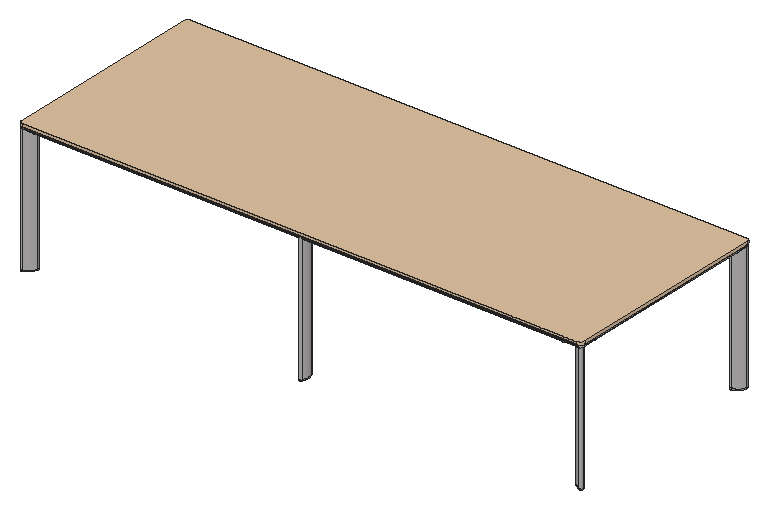
Revit family "FU_Table_Sandler_Laminar 1232", category Furniture, Revit 2020
Family settings
  OmniClass Number = 23.40.20.00
  OmniClass Title = General Furniture and Specialties
  Work Plane-Based = No
  Always vertical = Yes
  Cut with Voids When Loaded = No
  Shared = No
  Room Calculation Point = No
Parameters (values of type "Laminar 1232 (Dining Height)")
  Width = 3200 mm
  URL = "https://www.sandlerseating.com/product/laminar-1232/"
  Top [instance] = Wood - Oak - Natural - V
  Model = "Laminar 1232"
  Manufacturer = "Sandler"
  Height = 750 mm
  Frame [instance] = Epoxy - M2_G42
  Description = "320cm x 120cm / 126″ x 48″ table on epoxy painted frame."
  Depth = 1200 mm
  Default Elevation = 0 mm
Types (4, lengths in mm): name | Top | Height | Frame
  (no name) | Wood - Oak - Natural - V | 750 | Epoxy - M2_G42
  Laminar 1232 (Dining Height) | Wood - Oak - Natural - V | 750 | Epoxy - M2_G42
  Laminar 1232 (Counter Height) | Lacquer - W2 - G42 | 900 | Epoxy - M2 - Rust Grey
  Laminar 1232 (Bar Height) | HPL - Solid - White | 1050 | Epoxy - M1_Aluminum
Reference planes
  plane 1 "Center (Front/Back)": y = 0
  plane 2: z = 0
  plane 3 "Center (Left/Right)": x = 0
  plane 4 "Right": x = -1600
  plane 5 "Left": x = 1600
  plane 6 "Back": y = 600
  plane 7 "Front": y = -600
  plane 8 "Height": z = 750
  plane 9 "Top Frame Base": z = 737
  plane 10 "Frame Edge Right TOP": x = -1505
  plane 11 "Frame Edge Left TOP": x = 1505
  plane 12 "Frame Edge Front TOP": y = -505
  plane 13 "Frame Edge Back TOP": y = 505
  plane 14 "Right Leg C TOP": x = -1562.984
  plane 15 "Back Leg C TOP": y = 562.984
  plane 16 "Front Leg C TOP": y = -562.984
  plane 17 "Left C TOP": x = 1562.984
  plane 18 "Glide Height": z = 6
  plane 19 "Frame Base FRONT": z = 696.108
  plane 20 "Cross Support Front TOP": y = -542.984
  plane 21 "Cross Support Back TOP": y = 542.984
Forms (mm)
  Extrusion 1, solid, material "Wood - Oak - Natural - V" <- "Top"
    sketch origin (0, 0, 750) x (-1, 0, 0) y (0, -1, 0)
      loop
        arc (1575, -600) -> (1592.678, -592.678) -> (1600, -575) r 25
        line (1600, -575) -> (1600, 575)
        arc (1600, 575) -> (1592.678, 592.678) -> (1575, 600) r 25
        line (1575, 600) -> (-1575, 600)
        arc (-1575, 600) -> (-1592.678, 592.678) -> (-1600, 575) r 25
        line (-1600, 575) -> (-1600, -575)
        arc (-1600, -575) -> (-1592.678, -592.678) -> (-1575, -600) r 25
        line (-1575, -600) -> (1575, -600)
    from 0 to -13
  Sweep 2, solid, material "Epoxy - M2_G42" <- "Frame"
    path origin (0, 0, 737) x (-1, 0, 0) y (0, -1, 0)
      loop
        line (-1505, 600) -> (1505, 600)
    profile "Pro_Laminar_Frame : Pro_Laminar_Frame" origin (0, -600, 737) x (0, -1, 0) y (0, 0, 1)
      loop
        arc (-78.25, 0) -> (-78.959, -0.294) -> (-79.252, -1.003) r 1.003
        line (-79.252, -1.003) -> (-79.252, -40.038)
        arc (-79.252, -40.038) -> (-78.971, -40.718) -> (-78.29, -41) r 0.962
        line (-78.29, -41) -> (-56.47, -41)
        arc (-56.47, -41) -> (-49.536, -40.019) -> (-43.146, -37.154) r 25
        line (-43.146, -37.154) -> (-3.835, -12.393)
        arc (-3.835, -12.393) -> (-2.123, -10.579) -> (-1.5, -8.162) r 5
        line (-1.5, -8.162) -> (-1.5, -0.534)
        arc (-1.5, -0.534) -> (-1.656, -0.156) -> (-2.034, 0) r 0.534
        line (-2.034, 0) -> (-78.25, 0)
  Sweep 3, solid, material "Epoxy - M2_G42" <- "Frame"
    path origin (0, 0, 737) x (-1, 0, 0) y (0, -1, 0)
      loop
        line (1600, 505) -> (1600, -505)
    profile "Pro_Laminar_Frame : Pro_Laminar_Frame" origin (-1600, 0, 737) x (-1, 0, 0) y (0, 0, 1)
      loop
        arc (-78.25, 0) -> (-78.959, -0.294) -> (-79.252, -1.003) r 1.003
        line (-79.252, -1.003) -> (-79.252, -40.038)
        arc (-79.252, -40.038) -> (-78.971, -40.718) -> (-78.29, -41) r 0.962
        line (-78.29, -41) -> (-56.47, -41)
        arc (-56.47, -41) -> (-49.536, -40.019) -> (-43.146, -37.154) r 25
        line (-43.146, -37.154) -> (-3.835, -12.393)
        arc (-3.835, -12.393) -> (-2.123, -10.579) -> (-1.5, -8.162) r 5
        line (-1.5, -8.162) -> (-1.5, -0.534)
        arc (-1.5, -0.534) -> (-1.656, -0.156) -> (-2.034, 0) r 0.534
        line (-2.034, 0) -> (-78.25, 0)
  Sweep 4, solid, material "Epoxy - M2_G42" <- "Frame"
    path origin (0, 0, 737) x (-1, 0, 0) y (0, -1, 0)
      loop
        line (1505, -600) -> (-1505, -600)
    profile "Pro_Laminar_Frame : Pro_Laminar_Frame" origin (0, 600, 737) x (0, 1, 0) y (0, 0, 1)
      loop
        arc (-78.25, 0) -> (-78.959, -0.294) -> (-79.252, -1.003) r 1.003
        line (-79.252, -1.003) -> (-79.252, -40.038)
        arc (-79.252, -40.038) -> (-78.971, -40.718) -> (-78.29, -41) r 0.962
        line (-78.29, -41) -> (-56.47, -41)
        arc (-56.47, -41) -> (-49.536, -40.019) -> (-43.146, -37.154) r 25
        line (-43.146, -37.154) -> (-3.835, -12.393)
        arc (-3.835, -12.393) -> (-2.123, -10.579) -> (-1.5, -8.162) r 5
        line (-1.5, -8.162) -> (-1.5, -0.534)
        arc (-1.5, -0.534) -> (-1.656, -0.156) -> (-2.034, 0) r 0.534
        line (-2.034, 0) -> (-78.25, 0)
  Sweep 5, solid, material "Epoxy - M2_G42" <- "Frame"
    path origin (0, 0, 737) x (-1, 0, 0) y (0, -1, 0)
      loop
        line (-1600, 505) -> (-1600, -505)
    profile "Pro_Laminar_Frame : Pro_Laminar_Frame" origin (1600, 0, 737) x (-1, 0, 0) y (0, 0, 1)
      loop
        line (78.25, 0) -> (2.034, 0)
        arc (2.034, 0) -> (1.656, -0.156) -> (1.5, -0.534) r 0.534
        line (1.5, -0.534) -> (1.5, -8.162)
        arc (1.5, -8.162) -> (2.123, -10.579) -> (3.835, -12.393) r 5
        line (3.835, -12.393) -> (43.146, -37.154)
        arc (43.146, -37.154) -> (49.536, -40.019) -> (56.47, -41) r 25
        line (56.47, -41) -> (78.29, -41)
        arc (78.29, -41) -> (78.971, -40.718) -> (79.252, -40.038) r 0.962
        line (79.252, -40.038) -> (79.252, -1.003)
        arc (79.252, -1.003) -> (78.959, -0.294) -> (78.25, 0) r 1.003
  Sweep 6, solid, material "Epoxy - M2_G42" <- "Frame"
    path origin (0, 562.984, 0) x (1, 0, 0) y (0, 0, 1)
      loop
        line (-1562.984, 6) -> (-1562.984, 737)
    profile "Pro_Laminar_Leg : Pro_Laminar_Leg" origin (-1562.984, 562.984, 371.5) x (-1, 0, 0) y (0, -1, 0)
      loop
        arc (-16.792, 30.86) -> (-28.302, 28.302) -> (-30.86, 16.792) r 10.982
        arc (-30.86, 16.792) -> (-12.33, -12.33) -> (16.792, -30.86) r 79.547
        arc (16.792, -30.86) -> (28.302, -28.302) -> (30.86, -16.792) r 10.982
        arc (30.86, -16.792) -> (12.33, 12.33) -> (-16.792, 30.86) r 79.547
  Sweep 7, solid, material "Epoxy - M2_G42" <- "Frame"
    path origin (0, -562.984, 0) x (1, 0, 0) y (0, 0, 1)
      loop
        line (-1562.984, 6) -> (-1562.984, 737)
    profile "Pro_Laminar_Leg : Pro_Laminar_Leg" origin (-1562.984, -562.984, 371.5) x (-1, 0, 0) y (0, -1, 0)
      loop
        arc (-30.86, -16.792) -> (-28.302, -28.302) -> (-16.792, -30.86) r 10.982
        arc (-16.792, -30.86) -> (12.33, -12.33) -> (30.86, 16.792) r 79.547
        arc (30.86, 16.792) -> (28.302, 28.302) -> (16.792, 30.86) r 10.982
        arc (16.792, 30.86) -> (-12.33, 12.33) -> (-30.86, -16.792) r 79.547
  Sweep 8, solid, material "Epoxy - M2_G42" <- "Frame"
    path origin (0, -562.984, 0) x (1, 0, 0) y (0, 0, 1)
      loop
        line (1562.984, 6) -> (1562.984, 737)
    profile "Pro_Laminar_Leg : Pro_Laminar_Leg" origin (1562.984, -562.984, 371.5) x (-1, 0, 0) y (0, -1, 0)
      loop
        arc (-16.792, 30.86) -> (-28.302, 28.302) -> (-30.86, 16.792) r 10.982
        arc (-30.86, 16.792) -> (-12.33, -12.33) -> (16.792, -30.86) r 79.547
        arc (16.792, -30.86) -> (28.302, -28.302) -> (30.86, -16.792) r 10.982
        arc (30.86, -16.792) -> (12.33, 12.33) -> (-16.792, 30.86) r 79.547
  Sweep 9, solid, material "Epoxy - M2_G42" <- "Frame"
    path origin (0, 562.984, 0) x (1, 0, 0) y (0, 0, 1)
      loop
        line (1562.984, 6) -> (1562.984, 737)
    profile "Pro_Laminar_Leg : Pro_Laminar_Leg" origin (1562.984, 562.984, 371.5) x (-1, 0, 0) y (0, -1, 0)
      loop
        arc (-30.86, -16.792) -> (-28.302, -28.302) -> (-16.792, -30.86) r 10.982
        arc (-16.792, -30.86) -> (12.33, -12.33) -> (30.86, 16.792) r 79.547
        arc (30.86, 16.792) -> (28.302, 28.302) -> (16.792, 30.86) r 10.982
        arc (16.792, 30.86) -> (-12.33, 12.33) -> (-30.86, -16.792) r 79.547
  Sweep 10, solid, material "Rubber, Black"
    path origin (0, 562.984, 0) x (1, 0, 0) y (0, 0, 1)
      loop
        line (1562.984, 0) -> (1562.984, 6)
    profile "Pro_Laminar_Leg : Pro_Laminar_Leg" origin (1562.984, 562.984, 3) x (-1, 0, 0) y (0, -1, 0)
      loop
        arc (-30.86, -16.792) -> (-28.302, -28.302) -> (-16.792, -30.86) r 10.982
        arc (-16.792, -30.86) -> (12.33, -12.33) -> (30.86, 16.792) r 79.547
        arc (30.86, 16.792) -> (28.302, 28.302) -> (16.792, 30.86) r 10.982
        arc (16.792, 30.86) -> (-12.33, 12.33) -> (-30.86, -16.792) r 79.547
  Sweep 11, solid, material "Rubber, Black"
    path origin (0, 562.984, 0) x (1, 0, 0) y (0, 0, 1)
      loop
        line (-1562.984, 0) -> (-1562.984, 6)
    profile "Pro_Laminar_Leg : Pro_Laminar_Leg" origin (-1562.984, 562.984, 3) x (-1, 0, 0) y (0, -1, 0)
      loop
        arc (-16.792, 30.86) -> (-28.302, 28.302) -> (-30.86, 16.792) r 10.982
        arc (-30.86, 16.792) -> (-12.33, -12.33) -> (16.792, -30.86) r 79.547
        arc (16.792, -30.86) -> (28.302, -28.302) -> (30.86, -16.792) r 10.982
        arc (30.86, -16.792) -> (12.33, 12.33) -> (-16.792, 30.86) r 79.547
  Sweep 12, solid, material "Rubber, Black"
    path origin (0, -562.984, 0) x (1, 0, 0) y (0, 0, 1)
      loop
        line (-1562.984, 0) -> (-1562.984, 6)
    profile "Pro_Laminar_Leg : Pro_Laminar_Leg" origin (-1562.984, -562.984, 3) x (-1, 0, 0) y (0, -1, 0)
      loop
        arc (-30.86, -16.792) -> (-28.302, -28.302) -> (-16.792, -30.86) r 10.982
        arc (-16.792, -30.86) -> (12.33, -12.33) -> (30.86, 16.792) r 79.547
        arc (30.86, 16.792) -> (28.302, 28.302) -> (16.792, 30.86) r 10.982
        arc (16.792, 30.86) -> (-12.33, 12.33) -> (-30.86, -16.792) r 79.547
  Sweep 13, solid, material "Rubber, Black"
    path origin (0, -562.984, 0) x (1, 0, 0) y (0, 0, 1)
      loop
        line (1562.984, 0) -> (1562.984, 6)
    profile "Pro_Laminar_Leg : Pro_Laminar_Leg" origin (1562.984, -562.984, 3) x (-1, 0, 0) y (0, -1, 0)
      loop
        arc (-16.792, 30.86) -> (-28.302, 28.302) -> (-30.86, 16.792) r 10.982
        arc (-30.86, 16.792) -> (-12.33, -12.33) -> (16.792, -30.86) r 79.547
        arc (16.792, -30.86) -> (28.302, -28.302) -> (30.86, -16.792) r 10.982
        arc (30.86, -16.792) -> (12.33, 12.33) -> (-16.792, 30.86) r 79.547
  Sweep 14, solid, material "Epoxy - M2_G42" <- "Frame"
    path origin (0, 0, 737) x (-1, 0, 0) y (0, -1, 0)
      loop
        line (-1505, 598.5) -> (-1598.5, 598.5) -> (-1598.5, 505)
    profile "Pro_Laminar_Frame : Pro_Laminar_Frame" origin (1551.75, -598.5, 737) x (0, 1, 0) y (0, 0, 1)
      loop
        line (76.75, 0) -> (0.534, 0)
        arc (0.534, 0) -> (0.156, -0.156) -> (0, -0.534) r 0.534
        line (0, -0.534) -> (0, -8.162)
        arc (0, -8.162) -> (0.623, -10.579) -> (2.335, -12.393) r 5
        line (2.335, -12.393) -> (41.646, -37.154)
        arc (41.646, -37.154) -> (48.036, -40.019) -> (54.97, -41) r 25
        line (54.97, -41) -> (76.79, -41)
        arc (76.79, -41) -> (77.471, -40.718) -> (77.752, -40.038) r 0.962
        line (77.752, -40.038) -> (77.752, -1.003)
        arc (77.752, -1.003) -> (77.459, -0.294) -> (76.75, 0) r 1.003
  Extrusion 15, void
    sketch origin (0, 0, 737) x (-1, 0, 0) y (0, -1, 0)
      loop
        line (-1574.12, 599.12) -> (-1574.12, 614.12) -> (-1614.12, 614.12) -> (-1614.12, 574.12) -> (-1599.12, 574.12)
        arc (-1599.12, 574.12) -> (-1591.798, 591.798) -> (-1574.12, 599.12) r 25
    from -40.892 to 13
  Sweep 16, solid, material "Epoxy - M2_G42" <- "Frame"
    path origin (0, 0, 737) x (1, 0, 0) y (0, -1, 0)
      loop
        line (-1505, 598.5) -> (-1598.5, 598.5) -> (-1598.5, 505)
    profile "Pro_Laminar_Frame : Pro_Laminar_Frame" origin (-1551.75, -598.5, 737) x (0, -1, 0) y (0, 0, 1)
      loop
        arc (-76.75, 0) -> (-77.459, -0.294) -> (-77.752, -1.003) r 1.003
        line (-77.752, -1.003) -> (-77.752, -40.038)
        arc (-77.752, -40.038) -> (-77.471, -40.718) -> (-76.79, -41) r 0.962
        line (-76.79, -41) -> (-54.97, -41)
        arc (-54.97, -41) -> (-48.036, -40.019) -> (-41.646, -37.154) r 25
        line (-41.646, -37.154) -> (-2.335, -12.393)
        arc (-2.335, -12.393) -> (-0.623, -10.579) -> (0, -8.162) r 5
        line (0, -8.162) -> (0, -0.534)
        arc (0, -0.534) -> (-0.156, -0.156) -> (-0.534, 0) r 0.534
        line (-0.534, 0) -> (-76.75, 0)
  Sweep 17, solid, material "Epoxy - M2_G42" <- "Frame"
    path origin (0, 0, 737) x (1, 0, 0) y (0, 1, 0)
      loop
        line (-1505, 598.5) -> (-1598.5, 598.5) -> (-1598.5, 505)
    profile "Pro_Laminar_Frame : Pro_Laminar_Frame" origin (-1551.75, 598.5, 737) x (0, -1, 0) y (0, 0, 1)
      loop
        line (76.75, 0) -> (0.534, 0)
        arc (0.534, 0) -> (0.156, -0.156) -> (0, -0.534) r 0.534
        line (0, -0.534) -> (0, -8.162)
        arc (0, -8.162) -> (0.623, -10.579) -> (2.335, -12.393) r 5
        line (2.335, -12.393) -> (41.646, -37.154)
        arc (41.646, -37.154) -> (48.036, -40.019) -> (54.97, -41) r 25
        line (54.97, -41) -> (76.79, -41)
        arc (76.79, -41) -> (77.471, -40.718) -> (77.752, -40.038) r 0.962
        line (77.752, -40.038) -> (77.752, -1.003)
        arc (77.752, -1.003) -> (77.459, -0.294) -> (76.75, 0) r 1.003
  Sweep 18, solid, material "Epoxy - M2_G42" <- "Frame"
    path origin (0, 0, 737) x (-1, 0, 0) y (0, 1, 0)
      loop
        line (-1505, 598.5) -> (-1598.5, 598.5) -> (-1598.5, 505)
    profile "Pro_Laminar_Frame : Pro_Laminar_Frame" origin (1551.75, 598.5, 737) x (0, 1, 0) y (0, 0, 1)
      loop
        arc (-76.75, 0) -> (-77.459, -0.294) -> (-77.752, -1.003) r 1.003
        line (-77.752, -1.003) -> (-77.752, -40.038)
        arc (-77.752, -40.038) -> (-77.471, -40.718) -> (-76.79, -41) r 0.962
        line (-76.79, -41) -> (-54.97, -41)
        arc (-54.97, -41) -> (-48.036, -40.019) -> (-41.646, -37.154) r 25
        line (-41.646, -37.154) -> (-2.335, -12.393)
        arc (-2.335, -12.393) -> (-0.623, -10.579) -> (0, -8.162) r 5
        line (0, -8.162) -> (0, -0.534)
        arc (0, -0.534) -> (-0.156, -0.156) -> (-0.534, 0) r 0.534
        line (-0.534, 0) -> (-76.75, 0)
  Extrusion 19, void
    sketch origin (0, 0, 737) x (1, 0, 0) y (0, 1, 0)
      loop
        arc (-1574.12, -599.12) -> (-1591.798, -591.798) -> (-1599.12, -574.12) r 25
        line (-1599.12, -574.12) -> (-1614.12, -574.12) -> (-1614.12, -614.12) -> (-1574.12, -614.12) -> (-1574.12, -599.12)
    from -40.892 to 13
  Extrusion 20, void
    sketch origin (0, 0, 737) x (1, 0, 0) y (0, 1, 0)
      loop
        line (-1574.12, 599.12) -> (-1574.12, 614.12) -> (-1614.12, 614.12) -> (-1614.12, 574.12) -> (-1599.12, 574.12)
        arc (-1599.12, 574.12) -> (-1591.798, 591.798) -> (-1574.12, 599.12) r 25
    from -40.892 to 13
  Extrusion 21, void
    sketch origin (0, 0, 737) x (-1, 0, 0) y (0, -1, 0)
      loop
        arc (-1574.12, -599.12) -> (-1591.798, -591.798) -> (-1599.12, -574.12) r 25
        line (-1599.12, -574.12) -> (-1614.12, -574.12) -> (-1614.12, -614.12) -> (-1574.12, -614.12) -> (-1574.12, -599.12)
    from -40.892 to 13
  Sweep 22, solid, material "Epoxy - M2_G42" <- "Frame"
    path origin (0, -562.984, 0) x (1, 0, 0) y (0, 0, 1)
      loop
        line (0, 6) -> (0, 737)
    profile "Pro_Laminar_Leg : Pro_Laminar_Leg" origin (0, -562.984, 371.5) x (-1, 0, 0) y (0, -1, 0)
      loop
        arc (-9.948, -38.695) -> (0, -45.025) -> (9.948, -38.695) r 10.982
        arc (9.948, -38.695) -> (17.437, -5) -> (9.948, 28.695) r 79.547
        arc (9.948, 28.695) -> (0, 35.025) -> (-9.948, 28.695) r 10.982
        arc (-9.948, 28.695) -> (-17.437, -5) -> (-9.948, -38.695) r 79.547
  Sweep 23, solid, material "Rubber, Black"
    path origin (0, -562.984, 0) x (1, 0, 0) y (0, 0, 1)
      loop
        line (0, 0) -> (0, 6)
    profile "Pro_Laminar_Leg : Pro_Laminar_Leg" origin (0, -562.984, 3) x (-1, 0, 0) y (0, -1, 0)
      loop
        arc (-9.948, -38.695) -> (0, -45.025) -> (9.948, -38.695) r 10.982
        arc (9.948, -38.695) -> (17.437, -5) -> (9.948, 28.695) r 79.547
        arc (9.948, 28.695) -> (0, 35.025) -> (-9.948, 28.695) r 10.982
        arc (-9.948, 28.695) -> (-17.437, -5) -> (-9.948, -38.695) r 79.547
  Sweep 24, solid, material "Rubber, Black"
    path origin (0, 562.984, 0) x (1, 0, 0) y (0, 0, 1)
      loop
        line (0, 0) -> (0, 6)
    profile "Pro_Laminar_Leg : Pro_Laminar_Leg" origin (0, 562.984, 3) x (-1, 0, 0) y (0, -1, 0)
      loop
        arc (-9.948, -28.695) -> (0, -35.025) -> (9.948, -28.695) r 10.982
        arc (9.948, -28.695) -> (17.437, 5) -> (9.948, 38.695) r 79.547
        arc (9.948, 38.695) -> (0, 45.025) -> (-9.948, 38.695) r 10.982
        arc (-9.948, 38.695) -> (-17.437, 5) -> (-9.948, -28.695) r 79.547
  Sweep 25, solid, material "Epoxy - M2_G42" <- "Frame"
    path origin (0, 562.984, 0) x (1, 0, 0) y (0, 0, 1)
      loop
        line (0, 6) -> (0, 737)
    profile "Pro_Laminar_Leg : Pro_Laminar_Leg" origin (0, 562.984, 371.5) x (-1, 0, 0) y (0, -1, 0)
      loop
        arc (-9.948, -28.695) -> (0, -35.025) -> (9.948, -28.695) r 10.982
        arc (9.948, -28.695) -> (17.437, 5) -> (9.948, 38.695) r 79.547
        arc (9.948, 38.695) -> (0, 45.025) -> (-9.948, 38.695) r 10.982
        arc (-9.948, 38.695) -> (-17.437, 5) -> (-9.948, -28.695) r 79.547
  Extrusion 26, solid, material "Epoxy - M2_G42" <- "Frame"
    sketch origin (0, 0, 0) x (1, 0, 0) y (0, 0, 1)
      loop
        line (-29.788, 736) -> (-29.788, 722.1) -> (-28.788, 722.1) -> (-28.788, 721.1) -> (-25.288, 721.1) -> (-25.288, 724.1) -> (-28.288, 724.1) -> (-28.288, 726.5) -> (-24.69, 726.5) -> (-17.288, 722.226) -> (-17.288, 709.773) -> (-24.69, 705.5) -> (-28.288, 705.5) -> (-28.288, 707.9) -> (-25.288, 707.9) -> (-25.288, 710.9) -> (-28.788, 710.9) -> (-28.788, 709.9) -> (-29.788, 709.9) -> (-29.788, 697.144)
        arc (-29.788, 697.144) -> (-29.485, 696.412) -> (-28.753, 696.108) r 1.035
        line (-28.753, 696.108) -> (28.753, 696.108)
        arc (28.753, 696.108) -> (29.485, 696.412) -> (29.788, 697.144) r 1.035
        line (29.788, 697.144) -> (29.788, 709.9) -> (28.788, 709.9) -> (28.788, 710.9) -> (25.288, 710.9) -> (25.288, 707.9) -> (28.288, 707.9) -> (28.288, 705.5) -> (24.69, 705.5) -> (17.288, 709.773) -> (17.288, 722.226) -> (24.69, 726.5) -> (28.288, 726.5) -> (28.288, 724.1) -> (25.288, 724.1) -> (25.288, 721.1) -> (28.788, 721.1) -> (28.788, 722.1) -> (29.788, 722.1) -> (29.788, 736)
        arc (29.788, 736) -> (29.495, 736.707) -> (28.788, 737) r 1
        line (28.788, 737) -> (-28.788, 737)
        arc (-28.788, 737) -> (-29.495, 736.707) -> (-29.788, 736) r 1
    from -542.984 to 542.984
Cuts and joins
  Extrusion 20 cuts Sweep 17
  Extrusion 21 cuts Sweep 18
  Extrusion 15 cuts Sweep 14
  Extrusion 19 cuts Sweep 16
Dimensions and locks
  equal spacing: plane 4 "Right", plane 3 "Center (Left/Right)", plane 5 "Left"
  "Width": plane 4 "Right" to plane 5 "Left"
  equal spacing: plane 6 "Back", plane 1 "Center (Front/Back)", plane 7 "Front"
  "Depth": plane 6 "Back" to plane 7 "Front"
  "Height": plane 8 "Height" to level
  locked: plane 8 "Height" to plane 9 "Top Frame Base" at 13
  plane 4 "Right" to plane 14 "Right Leg C TOP" to plane 10 "Frame Edge Right TOP" = 37.016 mm locked, 57.984 mm locked
  plane 12 "Frame Edge Front TOP" to plane 16 "Front Leg C TOP" to plane 7 "Front" = 57.984 mm locked, 37.016 mm locked
  plane 6 "Back" to plane 15 "Back Leg C TOP" to plane 13 "Frame Edge Back TOP" = 37.016 mm locked, 57.984 mm locked
  plane 11 "Frame Edge Left TOP" to plane 17 "Left C TOP" to plane 5 "Left" = 57.984 mm locked, 37.016 mm locked
  locked: plane 18 "Glide Height" to plane 2 at 6
  locked: plane 16 "Front Leg C TOP" to plane 20 "Cross Support Front TOP" at 20
  locked: plane 21 "Cross Support Back TOP" to plane 15 "Back Leg C TOP" at 20
  locked: plane 9 "Top Frame Base" to plane 19 "Frame Base FRONT" at 40.892
  aligned and locked: level to plane 2
  aligned and locked: plane 10 "Frame Edge Right TOP" to Sweep 2 sketch curve
  aligned and locked: plane 11 "Frame Edge Left TOP" to Sweep 2 sketch curve
  aligned and locked: plane 13 "Frame Edge Back TOP" to Sweep 3 sketch curve
  aligned and locked: plane 4 "Right" to Sweep 3 sketch curve
  aligned and locked: plane 10 "Frame Edge Right TOP" to Sweep 4 sketch curve
  aligned and locked: plane 11 "Frame Edge Left TOP" to Sweep 4 sketch curve
  aligned and locked: Sweep 5 sketch curve to plane 13 "Frame Edge Back TOP"
  aligned and locked: plane 12 "Frame Edge Front TOP" to Sweep 5 sketch curve
  aligned and locked: Extrusion 1 sketch curve to plane 4 "Right"
  aligned and locked: Extrusion 1 sketch curve to plane 6 "Back"
  aligned and locked: Extrusion 1 sketch curve to plane 7 "Front"
  aligned and locked: plane 5 "Left" to Extrusion 1 sketch curve
  aligned and locked: plane 9 "Top Frame Base" to Sweep 6 sketch curve
  aligned and locked: Sweep 6 sketch curve to plane 18 "Glide Height"
  aligned and locked: plane 9 "Top Frame Base" to Sweep 7 sketch curve
  aligned and locked: Sweep 7 sketch curve to plane 18 "Glide Height"
  aligned and locked: Sweep 8 sketch curve to plane 9 "Top Frame Base"
  aligned and locked: plane 18 "Glide Height" to Sweep 8 sketch curve
  aligned and locked: Sweep 9 sketch curve to plane 9 "Top Frame Base"
  aligned and locked: plane 18 "Glide Height" to Sweep 9 sketch curve
  aligned and locked: plane 18 "Glide Height" to Sweep 10 sketch curve
  aligned and locked: Sweep 10 sketch curve to plane 2
  aligned and locked: Sweep 11 sketch curve to plane 18 "Glide Height"
  aligned and locked: plane 2 to Sweep 11 sketch curve
  aligned and locked: plane 2 to Sweep 12 sketch curve
  aligned and locked: Sweep 12 sketch curve to plane 18 "Glide Height"
  aligned and locked: Sweep 13 sketch curve to plane 2
  aligned and locked: plane 18 "Glide Height" to Sweep 13 sketch curve
  aligned and locked: Extrusion 15 to plane 19 "Frame Base FRONT"
  aligned and locked: plane 8 "Height" to Extrusion 15
  aligned and locked: Sweep 18 to plane 11 "Frame Edge Left TOP"
  aligned and locked: plane 13 "Frame Edge Back TOP" to Sweep 18
  aligned and locked: Sweep 14 to plane 12 "Frame Edge Front TOP"
  aligned and locked: Sweep 14 to plane 11 "Frame Edge Left TOP"
  aligned and locked: Sweep 16 to plane 10 "Frame Edge Right TOP"
  aligned and locked: plane 12 "Frame Edge Front TOP" to Sweep 16
  aligned and locked: Sweep 17 to plane 13 "Frame Edge Back TOP"
  aligned and locked: Sweep 17 to plane 10 "Frame Edge Right TOP"
  aligned and locked: plane 9 "Top Frame Base" to Sweep 22 sketch curve
  aligned and locked: plane 18 "Glide Height" to Sweep 22 sketch curve
  aligned and locked: plane 18 "Glide Height" to Sweep 23 sketch curve
  aligned and locked: plane 2 to Sweep 23 sketch curve
  aligned and locked: plane 2 to Sweep 24 sketch curve
  aligned and locked: plane 18 "Glide Height" to Sweep 24 sketch curve
  aligned and locked: plane 9 "Top Frame Base" to Sweep 25 sketch curve
  aligned and locked: plane 18 "Glide Height" to Sweep 25 sketch curve
  aligned and locked: Extrusion 26 to plane 20 "Cross Support Front TOP"
  aligned and locked: Extrusion 26 to plane 21 "Cross Support Back TOP"
  aligned and locked: plane 9 "Top Frame Base" to Extrusion 26
  aligned and locked: Extrusion 26 to plane 19 "Frame Base FRONT"
Automatic sketch dimensions
  Extrusion 1 sketch curve to plane 15 "Back Leg C TOP" = 12.016 mm
  Extrusion 1 sketch curve to plane 17 "Left C TOP" = 12.016 mm
  plane 14 "Right Leg C TOP" to Extrusion 1 sketch curve = 12.016 mm  (x2)
  Sweep 2 sketch curve to plane 7 "Front" = 0 mm
  plane 12 "Frame Edge Front TOP" to Sweep 3 sketch curve = 0 mm
  Sweep 4 sketch curve to plane 6 "Back" = 0 mm
  Sweep 5 sketch curve to plane 5 "Left" = 0 mm
  plane 14 "Right Leg C TOP" to Sweep 6 sketch curve = 0 mm
  plane 14 "Right Leg C TOP" to Sweep 7 sketch curve = 0 mm
  plane 17 "Left C TOP" to Sweep 8 sketch curve = 0 mm
  plane 17 "Left C TOP" to Sweep 9 sketch curve = 0 mm
  plane 17 "Left C TOP" to Sweep 10 sketch curve = 0 mm
  plane 14 "Right Leg C TOP" to Sweep 11 sketch curve = 0 mm
  plane 14 "Right Leg C TOP" to Sweep 12 sketch curve = 0 mm
  plane 17 "Left C TOP" to Sweep 13 sketch curve = 0 mm
  plane 12 "Frame Edge Front TOP" to Sweep 14 sketch curve = 0 mm
  Sweep 14 sketch curve to plane 11 "Frame Edge Left TOP" = 0 mm
  plane 5 "Left" to Sweep 14 sketch curve = 1.5 mm
  plane 7 "Front" to Sweep 14 sketch curve = 1.5 mm
  Extrusion 15 sketch curve to plane 5 "Left" = 14.12 mm
  plane 5 "Left" to Extrusion 15 sketch curve = 0.88 mm
  plane 7 "Front" to Extrusion 15 sketch curve = 0.88 mm
  Extrusion 15 sketch curve to plane 17 "Left C TOP" = 11.136 mm
  Extrusion 15 sketch curve to plane 7 "Front" = 14.12 mm
  plane 12 "Frame Edge Front TOP" to Sweep 16 sketch curve = 0 mm
  Sweep 16 sketch curve to plane 10 "Frame Edge Right TOP" = 0 mm
  plane 4 "Right" to Sweep 16 sketch curve = 1.5 mm
  Sweep 16 sketch curve to plane 7 "Front" = 1.5 mm
  Sweep 17 sketch curve to plane 13 "Frame Edge Back TOP" = 0 mm
  Sweep 17 sketch curve to plane 10 "Frame Edge Right TOP" = 0 mm
  Sweep 17 sketch curve to plane 4 "Right" = 1.5 mm
  Sweep 17 sketch curve to plane 6 "Back" = 1.5 mm
  Sweep 18 sketch curve to plane 13 "Frame Edge Back TOP" = 0 mm
  Sweep 18 sketch curve to plane 11 "Frame Edge Left TOP" = 0 mm
  Sweep 18 sketch curve to plane 5 "Left" = 1.5 mm
  plane 6 "Back" to Sweep 18 sketch curve = 1.5 mm
  Extrusion 19 sketch curve to plane 4 "Right" = 14.12 mm
  plane 4 "Right" to Extrusion 19 sketch curve = 0.88 mm
  Extrusion 19 sketch curve to plane 7 "Front" = 0.88 mm
  Extrusion 19 sketch curve to plane 14 "Right Leg C TOP" = 11.136 mm
  plane 7 "Front" to Extrusion 19 sketch curve = 14.12 mm
  plane 4 "Right" to Extrusion 20 sketch curve = 14.12 mm
  Extrusion 20 sketch curve to plane 4 "Right" = 0.88 mm
  Extrusion 20 sketch curve to plane 6 "Back" = 0.88 mm
  plane 14 "Right Leg C TOP" to Extrusion 20 sketch curve = 11.136 mm
  plane 6 "Back" to Extrusion 20 sketch curve = 14.12 mm
  plane 5 "Left" to Extrusion 21 sketch curve = 14.12 mm
  Extrusion 21 sketch curve to plane 5 "Left" = 0.88 mm
  plane 6 "Back" to Extrusion 21 sketch curve = 0.88 mm
  plane 17 "Left C TOP" to Extrusion 21 sketch curve = 11.136 mm
  Extrusion 21 sketch curve to plane 6 "Back" = 14.12 mm
  Sweep 22 sketch curve to plane 3 "Center (Left/Right)" = 0 mm
  Sweep 23 sketch curve to plane 3 "Center (Left/Right)" = 0 mm
  Sweep 24 sketch curve to plane 3 "Center (Left/Right)" = 0 mm
  Sweep 25 sketch curve to plane 3 "Center (Left/Right)" = 0 mm
  Extrusion 26 sketch curve to plane 9 "Top Frame Base" = 1 mm
  Extrusion 26 sketch curve to plane 3 "Center (Left/Right)" = 29.788 mm
  plane 19 "Frame Base FRONT" to Extrusion 26 sketch curve = 1.035 mm  (x2)
  Extrusion 26 sketch curve to Extrusion 26 sketch curve = 0 mm
  Extrusion 26 sketch curve to Extrusion 26 sketch curve = 1 mm  (x7)
  Extrusion 26 sketch curve to Extrusion 26 sketch curve = 0.5 mm  (x5)
  Extrusion 26 sketch curve to Extrusion 26 sketch curve = 3.5 mm
  Extrusion 26 sketch curve to Extrusion 26 sketch curve = 3 mm  (x4)
  plane 19 "Frame Base FRONT" to Extrusion 26 sketch curve = 9.392 mm  (x2)
  Extrusion 26 sketch curve to Extrusion 26 sketch curve = 0.598 mm  (x4)
  Extrusion 26 sketch curve to Extrusion 26 sketch curve = 8 mm
  plane 3 "Center (Left/Right)" to Extrusion 26 sketch curve = 17.288 mm
  Extrusion 26 sketch curve to Extrusion 26 sketch curve = 7.402 mm  (x2)
  Extrusion 26 sketch curve to Extrusion 26 sketch curve = 3.598 mm
  Extrusion 26 sketch curve to Extrusion 26 sketch curve = 0.465 mm
  Extrusion 26 sketch curve to Extrusion 26 sketch curve = 1.035 mm
  Extrusion 26 sketch curve to Extrusion 26 sketch curve = 2.4 mm  (x4)
  Extrusion 26 sketch curve to Extrusion 26 sketch curve = 1.873 mm  (x2)
  Extrusion 26 sketch curve to Extrusion 26 sketch curve = 2 mm  (x3)
  Extrusion 26 sketch curve to Extrusion 26 sketch curve = 10.2 mm  (x2)
  Extrusion 26 sketch curve to Extrusion 26 sketch curve = 1.127 mm  (x2)
